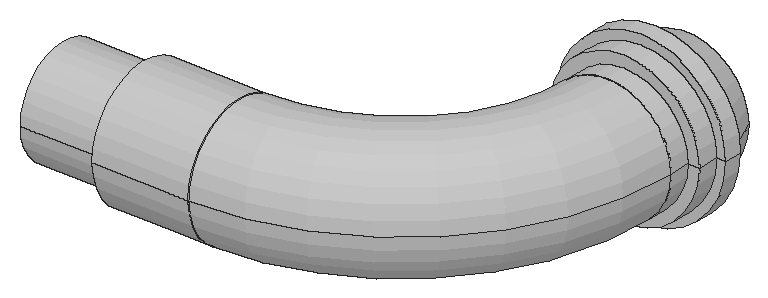
Revit family "6249 01_Eisenrohranschlussbogen 90°", category Rohrformteile, Revit 2021
Family settings
  Bemaßung runder Anschluss = Radius verwenden
  Teiletyp = Bogen
  OmniClass-Nummer = 23.60.30.11.14
  OmniClass-Titel = Pipework Fittings
  Arbeitsebenenbasiert = Nein
  Immer vertikal = Ja
  Beim Laden mit Abzugskörper schneiden = Nein
  Gemeinsam genutzt = Nein
Parameters (values of type "R1/2")
  Vorgabe-Ansicht = 0.00 mm
  URL = "www.herz-armaturen.at"
  SCRNSEQ = "AWI;AWI_TYP=\"1001\";1"
  SCRNCODE = "07;08;01"  # constant formula
  R01 [instance] = size_lookup("Elbow Steel DIN 2605", "R1", 1.00 mm, Nenndurchmesser)  # 11.20 mm
  O-Ring = "EPDM"  # constant formula
  Medium = "Heizungswasser nach ÖNORM H5195 oder VDI- Richtlinie 2035.\r\nDie Verwendung von Ethylen- oder Propyleneglykol in einem Mischungsverhältnis 25- 50% ist zulässig."
  Max. Betriebstemperatur = 110 °C  # constant formula
  Max. Betriebsdruck = 1000000.0 Pa  # constant formula
  L02 [instance] = if(Nenndurchmesser = 10.00 mm, 17.50 mm, if(Nenndurchmesser = 15.00 mm, 25.00 mm, if(Nenndurchmesser = 20.00 mm, 26.60 mm, 0.00 mm)))  # 25.00 mm
  L01 [instance] = size_lookup("Elbow Steel DIN 2605", "L1", 1.00 mm, Nenndurchmesser)  # 11.40 mm
  L00 [instance] = size_lookup("Elbow Steel DIN 2605", "L", 1.00 mm, Nenndurchmesser)  # 54.00 mm
  Hinweiß = "Der O-Ring dient als zusätzliche Dichtung, bei Verlust ist der Eisenrohranschlussbogen metallisch dichtend."
  Hersteller = "HERZ Armaturen Ges.m.b.H."  # constant formula
  H03 [instance] = size_lookup("Elbow Steel DIN 2605", "H3", 1.00 mm, Nenndurchmesser)  # 3.00 mm
  H02 [instance] = size_lookup("Elbow Steel DIN 2605", "H2", 1.00 mm, Nenndurchmesser)  # 2.50 mm
  H01 [instance] = size_lookup("Elbow Steel DIN 2605", "H1", 1.00 mm, Nenndurchmesser)  # 8.10 mm
  H00 [instance] = size_lookup("Elbow Steel DIN 2605", "H", 1.00 mm, Nenndurchmesser)  # 43.10 mm
  D03 [instance] = size_lookup("Elbow Steel DIN 2605", "D3", 1.00 mm, Nenndurchmesser)  # 10.65 mm
  D02 [instance] = size_lookup("Elbow Steel DIN 2605", "D2", 1.00 mm, Nenndurchmesser)  # 11.10 mm
  D01 [instance] = size_lookup("Elbow Steel DIN 2605", "D1", 1.00 mm, Nenndurchmesser)  # 8.66 mm
  D00 [instance] = size_lookup("Elbow Steel DIN 2605", "D", 1.00 mm, Nenndurchmesser)  # 12.00 mm
  Bogen = "Messing CC754S, vernickelt"  # constant formula
  Bestellnummer [instance] = if(Nenndurchmesser = 10.00 mm, 1624900, if(Nenndurchmesser = 15.00 mm, 1624901, if(Nenndurchmesser = 20.00 mm, 1624902, 0)))  # 1624901
  Außenradius [instance] = size_lookup("Elbow Steel DIN 2605", "ORad", 0.5 * Nenndurchmesser + 5.90 mm, Nenndurchmesser)  # 9.00 mm
  Nennradius [instance] = 7.5 mm  # constant formula
  Nenndurchmesser [instance] = Nennradius * 2  # 15 mm
  Verlustberechnungsmethode = K-Koeffizient aus Tabelle
  Name der Abruftabelle = "Elbow Steel DIN 2605"
  Länge 2 [instance] = Bogenradius - Bogenradius * cos(Winkel)  # 29.00 mm
  Länge 1 [instance] = Bogenradius * sin(Winkel)  # 29.00 mm
  K-Koeffizient-Tabelle = "Regular 45, 90 and 180 Elbow"
  Ausführung = "Eisenrohranschlussbogen 90° aus Messing vernickelt, konisch dichtend, ohne Mutter."
  Abstand Mittelpunkt Ende [instance] = Radius 1 * tan(Winkel / 2)  # 29 mm
  Radius 1 [instance] = if(Bogenradius < Außenradius + 1 mm, Außenradius + 1 mm, Bogenradius)  # 29 mm
  Bogenradius [instance] = size_lookup(Name der Abruftabelle, "CRad", 1.02 * Nenndurchmesser + 0.4 mm, Nenndurchmesser)  # 29 mm
  Winkel [instance] = 90.00°  # constant formula
  1_2 = yes
Reference planes
  plane 1 "Mitte (Vorne/hinten)": y = 0
  plane 2: z = 0
  plane 3 "Mitte (Links/rechts)": x = 0
  plane 4: x = -29
  plane 5: y = 29
  plane 6: y = 7.5
  plane 7: y = -7.5
  plane 8: z = 7.5
  plane 9: z = -7.5
  plane 10: x = 0
  plane 11: y = 29
Forms (mm)
  Sweep 1, solid, material "Messing, vernickelt", detail levels fine
    path in 3D
      loop
        arc (-29, 0, 0) -> (-8.494, 8.494, 0) -> (0, 29, 0) r 29
    profile origin (-8.494, 8.494, 0) x (-0.707107, 0.707107, 0) y (0, 0, 1)
      loop
        circle (0, 0) r 9
  Revolve 2, solid, material "Messing, vernickelt", detail levels fine
    sketch origin (-29, 29, 0) x (0, -1, 0) y (1, 0, 0)
      loop
        line (-14.1, 29) -> (-14.1, 20.3) -> (-8.5, 17.9) -> (-8.5, 17) -> (-6, 17) -> (-6, 18.35) -> (-3, 18.35) -> (-3, 20) -> (0, 20) -> (0, 29) -> (-14.1, 29)
      axis (-14.1, 29) -> (0, 29)
    angle from 0 to 360
  Revolve 3, solid, material "Messing, vernickelt", detail levels fine
    sketch origin (-22.5, 22.5, 0) x (0, -1, 0) y (1, 0, 0)
      loop
        line (22.5, -6.5) -> (22.5, -31.5) -> (30, -31.5) -> (30, -20.1) -> (31.5, -20.1) -> (31.5, -6.5) -> (22.5, -6.5)
      axis (22.5, -6.5) -> (22.5, -31.5)
    angle from 0 to 360
Lines and regions (mm)
  reference lines
    curve 1: arc (-29, 0, 0) -> (-8.494, 8.494, 0) -> (0, 29, 0) r 29
    curve 6: line (-29, 29, 0) -> (19.487, 29, 0)
    curve 7: line (-29, 29, 0) -> (-29, 75.91, 0)
    curve 8: line (0, 67.147, 0) -> (0, -10.215, 0)
    curve 9: line (-7.5, 59.441, 0) -> (-7.5, 34.441, 0)
    curve 10: line (7.5, 59.441, 0) -> (7.5, 34.441, 0)
    curve 14: line (-29, 29, 0) -> (-29, 0, 0)
  sketch lines
    curve 2: arc (-29, 0, 0) -> (-8.494, 8.494, 0) -> (0, 29, 0) r 29
  model lines, style "Symbol", detail levels coarse+medium
    curve 3: line (-29, 0, 25) -> (-29, 0, -25)
    curve 5: line (-29, 7.5, 0) -> (-29, -7.5, 0)
    curve 12: line (-7.5, 29, 0) -> (7.5, 29, 0)
    curve 15: arc (-29, 0, 0) -> (-8.494, 8.494, 0) -> (0, 29, 0) r 29
    curve 16: line (0, 29, 7.5) -> (0, 29, -7.5)
  model lines, detail levels coarse+medium
    curve 4: line (-29, 7.5, 0) -> (-29, -7.5, 0)
    curve 11: line (-7.5, 29, 0) -> (7.5, 29, 0)
    curve 13: arc (-29, 0, 0) -> (-8.494, 8.494, 0) -> (0, 29, 0) r 29
Dimensions and locks
  "Abstand Mittelpunkt Ende": plane 4 to plane 3 "Mitte (Links/rechts)"
  "Radius 1": plane 5 to plane 1 "Mitte (Vorne/hinten)"
  locked: plane 5 to curve 1 at 0
  locked: plane 4 to curve 1 at 0
  "Nennradius": plane 6 to plane 1 "Mitte (Vorne/hinten)"
  equal spacing: plane 6, plane 1 "Mitte (Vorne/hinten)", plane 7
  "Radius 1": curve 7 to curve 8
  "Nennradius": curve 9 to curve 8
  "Nennradius": curve 8 to curve 10
  "Nennradius": plane 8 to plane 2
  "Nennradius": plane 9 to plane 2
  "Länge 1": plane 4 to plane 10
  "Länge 2": plane 11 to plane 1 "Mitte (Vorne/hinten)"
  "D02": Revolve 2 sketch curve to curve 8
  "D00": Revolve 2 sketch curve to curve 8
  "D03": Revolve 2 sketch curve to curve 8
  "Außenradius": Revolve 2 sketch curve to Revolve 2 sketch curve
  "H03": Revolve 2 sketch curve to Revolve 2 sketch curve
  "H01": Revolve 2 sketch curve to Revolve 2 sketch curve
  "H02": Revolve 2 sketch curve to Revolve 2 sketch curve
  "H00": Revolve 2 sketch curve to plane 1 "Mitte (Vorne/hinten)"
  "Länge 1": plane 4 to Revolve 2 sketch curve
  "Radius 1": plane 4 to Revolve 2 sketch curve
  "L00": Revolve 3 sketch curve to plane 3 "Mitte (Links/rechts)"
  "Radius 1": plane 11 to Revolve 3 sketch curve
  "Nennradius": Revolve 3 sketch curve to Revolve 3 sketch curve
  "L01": Revolve 3 sketch curve to Revolve 3 sketch curve
  "Außenradius": Revolve 3 sketch curve to Revolve 3 sketch curve
  "Radius 1": Revolve 3 sketch curve to plane 11
  "L02": Revolve 3 sketch curve to Revolve 3 sketch curve
  "Radius 1": radius of curve 1
  "Außenradius": radius of Sweep 1 sketch curve
  "Radius 1": radius of curve 13
  "Radius 1": radius of curve 15
  "Winkel": angle curve 1 to curve 1
  "Winkel": angle plane 4 to curve 6
  locked: curve 6 to curve 7 (angle 90.00°)
  locked: curve 6 to curve 8 (angle 90.00°)
  locked: curve 6 to curve 9 (angle 90.00°)
  locked: curve 6 to curve 10 (angle 90.00°)
  "Winkel": angle curve 13 to curve 13
  "Winkel": angle curve 15 to curve 15
  aligned and locked: plane 4 to curve 1
  aligned and locked: curve 4 to plane 6
  aligned and locked: curve 4 to plane 7
  aligned and locked: curve 4 to plane 4
  aligned and locked: curve 5 to plane 7
  aligned and locked: curve 5 to plane 6
  aligned and locked: curve 5 to plane 4
  aligned and locked: plane 4 to curve 6
  aligned and locked: plane 5 to curve 6
  aligned and locked: plane 4 to curve 7
  aligned and locked: plane 5 to curve 7
  aligned and locked: curve 9 to curve 11
  aligned and locked: curve 10 to curve 11
  aligned and locked: curve 6 to curve 11
  aligned and locked: curve 9 to curve 12
  aligned and locked: curve 10 to curve 12
  aligned and locked: curve 6 to curve 12
  aligned and locked: plane 4 to curve 13  (x2)
  aligned and locked: plane 1 "Mitte (Vorne/hinten)" to curve 13
  aligned and locked: plane 5 to curve 14
  aligned and locked: curve 14 to plane 4
  aligned and locked: plane 5 to curve 15
  aligned and locked: plane 4 to curve 15  (x2)
  aligned and locked: plane 8 to curve 16
  aligned and locked: curve 16 to plane 9
  aligned and locked: curve 16 to plane 11
Automatic sketch dimensions
  curve 3 to curve 3 = 50.00 mm
  Sweep 1 sketch curve to profile plane = 0.00 mm
  profile plane to Sweep 1 sketch curve = 0.00 mm
  curve 8 to curve 6 = 39.215 mm
  curve 9 to curve 6 = 5.441 mm
  curve 10 to curve 6 = 5.441 mm
  curve 14 to Revolve 2 sketch curve = 0.00 mm
  Revolve 2 sketch curve to Revolve 2 sketch curve = 2.40 mm
  Revolve 2 sketch curve to Revolve 2 sketch curve = 23.847 mm
  curve 14 to Revolve 2 sketch curve = 16.715 mm
  Revolve 3 sketch curve to Revolve 3 sketch curve = 1484.00 mm
  plane 3 "Mitte (Links/rechts)" to Revolve 3 sketch curve = 1524.00 mm
Connectors
  piping at (-54, 0, 0), diameter 15, driven by "Nennradius"
    settings: on Revolve 3, index 2, connector inside diameter 609.6 mm, connector length 0.00 mm, flow factor 0, pipe flow 0.0 L/s, pressure drop 0.0 Pa, fitting loss kfactor 0, connector angle 0.00°, fixture units 0, engagement length 0.00 mm, angle of deflection 0.00°, flow configuration 0, flow direction 0, fitting loss method 0, system type 7, joint type 0, gender type 0, connector reference index -1, connector utility 0, adjustable connector no, is connector primary yes, connector description ""
  piping at (0, 43.1, 0), diameter 15, driven by "Nennradius"
    settings: on Revolve 2, index 3, connector inside diameter 609.6 mm, connector length 0.00 mm, flow factor 0, pipe flow 0.0 L/s, pressure drop 0.0 Pa, fitting loss kfactor 0, connector angle 0.00°, fixture units 0, engagement length 0.00 mm, angle of deflection 0.00°, flow configuration 0, flow direction 0, fitting loss method 0, system type 7, joint type 0, gender type 0, connector reference index -1, connector utility 0, adjustable connector no, is connector primary no, connector description ""
